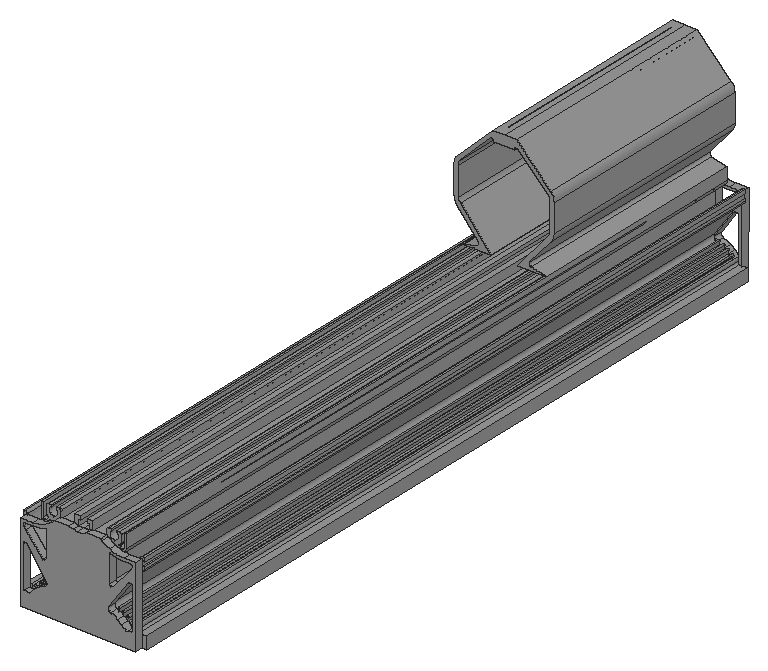
Revit family "L-street 24 Standart", category Осветительные приборы, Revit 2017 (continued)
Types (7, lengths in mm): name | built-in parameter 1150134 | Файл фотометрической сетки | built-in parameter 1150105 | Lumens | built-in parameter 1150106 | built-in parameter 1150142 | Wattage | built-in parameter 1150107 | Артикул
  L-street 24 Standart 5.0K Ш3 | 2 | "L-street 24-32-LLI3-5.0K-01 Standart.ies" | 342.66 (stored number, unit not read) | 4306 lm | 3.4266 (stored number, unit not read) | "IESNA:LM-63-1995\r\n[TEST]LEDEL\r\n[DATA]28.11.2018\r\n[MANUFAC]LEDEL\r\n[LUMCAT]L-street 24/32/Ш3/5.0К/01 Standart\r\n[LUMINAIRE]Для освещения городских улиц, придомовых территорий, парков и пр\r\n[LAMPCAT]LED \r\n[LAMP]OSRAM OSLON SQUARE\r\nTILT=NONE\r\n \r\n1 4306 4.349494 91 37 1 2 0.533 0.083 0.148\r\n1 1 32\r\n\r\n0 1 2 3 4 5 6 7 8 9 10 11 12 13 14 15 16 17 18 19 20 21 22 23 24 25 26 27 28 29 30 31 32 33 34 35 36 37 38 39 40 41 42 43 44 45 46 47 48 49 50 51 52 53 54 55 56 57 58 59 60 61 62 63 64 65 66 67 68 69 70 71 72 73 74 75 76 77 78 79 80 81 82 83 84 85 86 87 88 89 90\r\n0 2.5 5 7.5 10 12.5 15 17.5 20 22.5 25 27.5 30 32.5 35 37.5 40 42.5 45 47.5 50 52.5 55 57.5 60 62.5 65 67.5 70 72.5 75 77.5 80 82.5 85 87.5 90 \r\n\r\n328.9 329.3 330.2 330.9 331.9 333.4 335.1 336.8 338.7 340.8 342.8 345 347.5 350.1 353 356 358.9 361.9 364.8 367.6 370.4 373.1 375.9 378.6 381.2 384 387.3 390.9 395 399.6 404.9 410.7 417.4 425.2 435.2 445.1 453.5 460.4 465.8 471.5 479.7 491.2 504.8 521 539.3 559.8 582 607.2 633.9 663 691.7 721.3 752.1 785.2 818.3 851.9 885.2 917 937 939.3 919 859.4 761.2 644.9 513.6 372.2 249 140.6 80.9 50.5 34.7 24.4 17.8 14.5 12.7 11.4 10.5 9.8 9.1 8.5 8 7.4 7 6.5 6.2 5.9 5.5 4.8 3.2 2.7 2.7\r\n328.9 329 329.5 330 330.7 331.9 333.2 334.6 336.2 338 339.8 341.8 344 346.5 349.2 352.1 354.9 357.8 360.7 363.6 366.4 369.2 372 374.9 377.8 380.7 383.9 387.3 391.1 395.4 400.3 405.6 411.7 418.6 427.2 436.3 444.8 452.4 459 464.7 471.7 481.1 492.7 506.6 522.4 540.2 559.7 581.7 605.8 631.5 658.1 685.9 714.5 745.8 778.3 812.3 846.4 879.2 904.3 916.2 905.6 859.1 774.4 661.5 532.7 402.1 293.1 196.3 120.8 68.8 45.8 31.7 22.8 18 15.4 13.6 12.3 11.3 10.5 9.8 9.1 8.5 7.9 7.3 6.9 6.5 6.1 5.5 4.3 3.3 2.9\r\n328.9 328.8 328.9 329 329.6 330.3 331.2 332.3 333.7 335.2 336.8 338.6 340.6 342.8 345.5 348.2 350.9 353.7 356.6 359.6 362.4 365.3 368.2 371.2 374.4 377.4 380.5 383.6 387.3 391.2 395.6 400.5 406 411.9 419.2 427.5 436 444.3 452.2 457.9 463.7 471 480.7 492.2 505.6 520.6 537.4 556.3 577.6 600 624.5 650.4 677 706.4 738.3 772.8 807.5 841.5 871.5 893.1 892.3 858.7 787.6 678.2 551.8 432 337.2 251.9 160.7 87.2 56.8 39 27.9 21.5 18 15.7 14.1 12.8 12 11.2 10.3 9.6 8.9 8.2 7.6 7.1 6.7 6.3 5.5 4 3.1\r\n328.9 329.4 330.2 331 332 333.4 335 336.7 338.6 340.6 342.6 344.7 347.1 349.6 352.4 355.2 358.1 360.9 363.6 366.2 368.8 371.4 374 376.6 379.2 382 385.3 388.8 392.6 397 402.2 407.8 414.4 421.9 431.2 440.5 448.4 454.9 460.4 466.2 474 484.8 497.7 513 530.2 549.4 569.9 593 617.3 643.5 669.5 695.9 722.8 751.4 780 808.5 835.6 860.9 877.7 881 869.3 832.1 763.8 664.3 532.5 377.6 247 136.9 77.5 48.8 34.8 24 17.1 14.1 12.4 11.1 10.2 9.6 8.9 8.3 7.8 7.2 6.8 6.3 6 5.7 5.4 4.7 3.1 2.7 2.7\r\n328.9 329.4 330.1 331 332.1 333.4 334.9 336.6 338.5 340.4 342.3 344.5 346.7 349.1 351.8 354.5 357.3 359.9 362.4 364.8 367.2 369.6 372.2 374.6 377.3 380.1 383.3 386.6 390.2 394.4 399.4 405 411.4 418.6 427.2 435.9 443.2 449.5 455 460.8 468.3 478.4 490.6 505 521.2 539.1 557.7 578.9 600.7 624.1 647.2 670.6 693.5 717.6 741.7 765.1 785.9 804.8 818.4 822.6 819.6 804.9 766.4 683.8 551.4 383.1 244.9 133.2 74 47.1 34.9 23.6 16.4 13.6 12.1 10.9 10 9.4 8.7 8.1 7.6 7 6.6 6.2 5.8 5.4 5.3 4.5 3 2.6 2.7\r\n328.9 329.4 330.2 331 332 333.3 334.7 336.2 338 339.7 341.5 343.5 345.5 347.8 350.3 353 355.7 358.2 360.7 363 365.4 367.8 370.3 372.8 375.5 378.3 381.5 384.8 388.6 392.8 397.6 403 409.3 416.1 424.2 432.5 439.5 445.4 450.6 455.9 462.5 471.1 481.3 493.2 506.3 520.8 536.2 553.5 571.6 591.3 611.2 631.8 652.8 675.7 698.9 722.2 742.8 761.3 775.1 781.3 780.2 768.4 735.8 659.6 539 387.4 258.5 153.6 86.2 51.2 36.2 25 17.1 13.6 12 10.8 9.8 9.2 8.5 8 7.4 6.9 6.5 6 5.7 5.4 5.1 4.5 3.1 2.7 2.7\r\n328.9 329.4 330.2 330.9 332 333.2 334.5 335.8 337.4 339.1 340.8 342.5 344.4 346.5 348.9 351.5 354.1 356.6 358.9 361.3 363.6 365.9 368.4 371 373.6 376.5 379.6 383.1 387 391.1 395.7 401 407.1 413.6 421.1 429 435.8 441.3 446.2 451 456.7 463.9 472 481.4 491.5 502.6 514.6 528.2 542.5 558.5 575.2 593 612 633.7 656.1 679.2 699.7 717.9 731.8 740 740.8 732 705.1 635.4 526.7 391.7 272.1 174 98.4 55.3 37.6 26.3 17.8 13.6 11.9 10.7 9.7 9 8.3 7.8 7.3 6.8 6.3 5.9 5.6 5.3 4.9 4.5 3.3 2.7 2.7\r\n328.9 329.5 330.3 331 332 333.1 334.2 335.5 337 338.5 340.1 341.6 343.4 345.3 347.5 350 352.5 354.9 357.3 359.6 361.8 364 366.3 368.6 371.2 373.8 376.8 380.1 383.8 387.6 392 396.7 402.2 408 414.6 421.4 427.4 432.1 436.2 439.9 444.1 449.8 456.5 464.2 472.4 481.7 492.1 504.3 517.4 532 547.1 562.9 578.6 594.9 610.3 625.2 636.8 644.4 646.8 642.2 628.3 601.4 558.5 487.4 398.1 300.5 218.4 153.5 97.9 57.3 37.8 25.4 16.7 12.7 11.3 10.1 9.1 8.4 7.8 7.3 6.8 6.4 5.9 5.5 5.2 4.9 4.6 4.3 3.2 2.7 2.7\r\n328.9 329.6 330.4 331 332 333 334 335.2 336.5 338 339.5 340.8 342.3 344.1 346.2 348.5 350.9 353.2 355.7 357.9 360.1 362.1 364.1 366.3 368.7 371.1 374 377.1 380.5 384.1 388.2 392.4 397.3 402.4 408 413.7 419 423 426.2 428.7 431.6 435.7 440.9 447 453.3 460.7 469.6 480.4 492.2 505.5 519.1 532.8 545.2 556 564.6 571.2 573.9 570.8 561.8 544.4 515.9 470.9 411.9 339.3 269.5 209.3 164.6 132.9 97.4 59.2 38 24.5 15.6 11.9 10.6 9.5 8.6 7.9 7.3 6.7 6.4 5.9 5.5 5.1 4.9 4.6 4.3 4 3 2.6 2.6\r\n328.9 329.6 330.3 330.9 331.7 332.6 333.5 334.6 335.8 337.1 338.4 339.6 341 342.5 344.5 346.6 348.8 351.1 353.5 355.6 357.6 359.4 361.2 363.2 365.5 367.9 370.6 373.6 377 380.4 384 387.7 391.8 395.9 400.4 404.8 409 412.2 414.8 416.7 419.1 422.5 426.9 432.4 438.2 444.8 451.8 459.6 467.6 476.2 484.4 492.1 497.8 501.1 501.5 498.2 489.1 471.8 446.9 414.5 377.6 335.3 291 243.7 199.4 161.3 132.5 111.4 88.8 60 38.2 24.5 15.5 11.5 10.1 9.1 8.1 7.4 6.8 6.3 5.9 5.6 5.2 4.8 4.5 4.3 4.1 3.8 3 2.6 2.6\r\n328.9 329.6 330.2 330.8 331.5 332.2 333 334 335.1 336.2 337.4 338.4 339.6 341 342.7 344.6 346.8 349 351.2 353.2 355.2 356.8 358.4 360.1 362.3 364.7 367.2 370.2 373.4 376.6 379.9 382.9 386.3 389.4 392.8 395.9 399 401.5 403.4 404.8 406.6 409.3 413 417.7 423.2 428.9 434.1 438.8 443 446.9 449.6 451.3 450.4 446.3 438.5 425.2 404.4 372.8 332.1 284.5 239.3 199.8 170 148 129.3 113.3 100.4 90 80.2 60.7 38.4 24.6 15.5 11.1 9.6 8.7 7.7 6.9 6.3 5.9 5.5 5.2 4.9 4.5 4.2 4 3.8 3.6 2.9 2.7 2.6\r\n328.9 329.6 330.1 330.7 331.3 331.9 332.7 333.7 334.6 335.6 336.6 337.5 338.6 339.9 341.4 343.2 345.2 347.2 349.1 350.9 352.7 354.2 355.8 357.6 359.7 362.1 364.5 367.1 369.7 372.2 374.7 377.2 379.9 382.5 385.1 387.6 390 392.2 394 395.5 397.2 398.9 400.9 403.2 405.8 408.1 409.5 410 409.2 407 401.9 393.5 379.6 360.7 338.2 313.8 287.4 259.5 230.5 200.1 171.3 146.3 126.5 111.3 98.3 88 80.3 73.6 62.6 45.5 29.8 19.7 12.9 9.9 8.7 7.8 6.9 6.3 5.7 5.3 5 4.7 4.4 4.1 3.8 3.6 3.4 3.1 2.7 2.6 2.5\r\n328.9 329.6 330 330.5 331 331.7 332.4 333.3 334.1 335 335.7 336.6 337.5 338.9 340.2 341.7 343.6 345.5 347 348.7 350.2 351.6 353.2 355.1 357.2 359.5 361.8 364 366 367.9 369.5 371.4 373.5 375.5 377.4 379.4 381.1 382.8 384.6 386.2 387.8 388.6 388.8 388.6 388.5 387.4 384.9 381.1 375.4 367.2 354.2 335.6 308.8 275.2 237.8 202.4 170.4 146.1 128.9 115.6 103.3 92.8 83 74.7 67.3 62.7 60.1 57.1 45.1 30.4 21.1 14.9 10.4 8.8 7.8 6.9 6.2 5.6 5.1 4.8 4.5 4.1 3.9 3.7 3.5 3.3 3.1 2.7 2.5 2.5 2.5\r\n328.9 329.5 329.8 330.3 330.6 331.2 331.7 332.4 333 333.7 334.2 334.8 335.4 336.4 337.3 338.6 340.1 341.7 343.1 344.6 346.1 347.4 348.8 350.3 352 353.8 355.5 357.1 358.6 360 361.2 362.3 363.6 365 366.4 368.1 369.5 370.4 370.9 370.8 370.5 369.4 367.5 364.9 361.4 356.8 349.7 339.5 325 306.7 283.4 257 228.1 199.7 172.9 149.4 128.6 112.2 99.6 89.2 79.7 71.9 64.6 58.5 52.9 49.3 46.4 42.2 33.6 24.5 18.4 13.7 10.1 8.5 7.6 6.7 6 5.3 4.8 4.5 4.3 3.9 3.7 3.5 3.3 3.1 3 2.6 2.4 2.4 2.4\r\n328.9 329.4 329.7 330 330.2 330.6 331 331.5 332 332.4 332.7 332.9 333.3 333.9 334.5 335.5 336.6 337.9 339.3 340.6 341.9 343.2 344.4 345.6 346.8 348.1 349.2 350.3 351.3 352.1 352.9 353.2 353.7 354.4 355.4 356.8 357.8 358 357.2 355.5 353.3 350.3 346.3 341.1 334.4 326.1 314.5 297.9 274.7 246.3 212.5 178.4 147.3 124.1 108 96.4 86.8 78.2 70.2 62.8 56.2 50.9 46.3 42.4 38.6 35.9 32.7 27.2 22.1 18.6 15.6 12.5 9.8 8.3 7.4 6.5 5.8 5.1 4.6 4.2 4.1 3.8 3.5 3.4 3.2 3 2.9 2.5 2.3 2.4 2.4\r\n328.9 329.4 329.6 329.8 330 330.2 330.4 330.7 330.9 331.1 331.2 331.3 331.4 331.6 332 332.8 333.6 334.8 335.8 337 338 339 339.9 340.7 341.5 342.3 343 343.7 344.2 344.5 344.8 344.9 345.1 345.2 345.2 345.4 345.1 344 342.1 339.1 334.9 329.9 323.6 315.4 304.1 289.5 270.1 246.3 218.3 189.8 161.8 137.2 116 100.1 88.3 79.2 71.4 64.3 57.9 52.2 47.2 43.1 39.5 36.3 33 30.2 27.2 23.3 19.6 16.9 14.4 11.8 9.5 8.3 7.4 6.6 5.8 5.1 4.5 4.1 3.9 3.6 3.4 3.3 3.1 2.9 2.8 2.5 2.3 2.3 2.4\r\n328.9 329.4 329.6 329.7 329.7 329.7 329.8 329.9 329.9 329.9 329.8 329.7 329.4 329.3 329.6 330 330.6 331.6 332.4 333.3 334.1 334.8 335.4 335.7 336.1 336.4 336.8 337 337.1 336.9 336.8 336.5 336.5 336.1 335 333.9 332.3 330.1 327 322.6 316.6 309.6 301 289.7 273.8 252.8 225.7 194.7 161.9 133.3 111 96 84.7 76.1 68.6 62 56 50.4 45.5 41.6 38.2 35.3 32.8 30.2 27.3 24.4 21.7 19.4 17.2 15.2 13.1 11 9.3 8.2 7.4 6.7 5.8 5.1 4.4 3.9 3.8 3.5 3.4 3.2 3 2.9 2.8 2.5 2.2 2.3 2.4\r\n328.9 329.3 329.4 329.4 329.3 329.2 329 328.9 328.7 328.5 328.2 327.9 327.5 327.2 327.2 327.5 327.9 328.5 329.1 329.6 330 330.3 330.4 330.6 330.7 330.8 330.8 330.7 330.4 330 329.4 328.5 327.5 326 324.1 321.7 318.8 314.9 310.1 304 296 286 272.6 255.5 233.2 207 178.6 151.5 126.8 106.9 91.5 80.4 71.6 64.3 58 52.5 47.6 43.4 39.8 36.8 34.2 31.8 29.5 27.1 24.8 22.5 20.3 18.4 16.5 14.8 13.1 11.5 9.9 8.6 7.6 6.8 6 5.3 4.5 4 3.7 3.5 3.3 3.1 2.9 2.8 2.7 2.5 2.2 2.2 2.3\r\n328.9 329.3 329.2 329.1 328.8 328.6 328.2 328 327.6 327.1 326.6 326.1 325.5 325.2 324.9 325 325.1 325.4 325.7 325.8 325.9 325.7 325.4 325.4 325.3 325.2 324.8 324.4 323.8 323 322.1 320.5 318.5 316 313.1 309.5 305.4 299.8 293.2 285.4 275.5 262.4 244.2 221.4 192.6 161.2 131.4 108.3 91.8 80.6 72 64.9 58.4 52.6 47.4 43 39.3 36.3 34 32.1 30.3 28.3 26.1 24.1 22.3 20.7 18.9 17.3 15.8 14.4 13.1 11.9 10.5 8.9 7.8 7 6.2 5.5 4.7 4 3.6 3.4 3.2 3.1 2.9 2.7 2.6 2.4 2.3 2.1 2.2\r\n328.9 329.2 329.1 328.9 328.5 328.1 327.6 327.1 326.5 325.8 325 324.2 323.5 322.9 322.5 322.3 322.2 322.1 322 321.7 321.1 320.5 319.8 319.4 319 318.6 318.3 318 317.4 316.3 314.8 312.5 309.6 306 301.6 296.4 290.5 283 273.9 262.7 247.9 229.2 205.3 179.3 152 127.2 106.1 90 78 69.4 62.5 56.6 51.2 46.4 42.2 38.8 35.9 33.6 31.7 29.9 28.2 26.4 24.5 22.9 21.5 20.1 18.6 17.3 16.1 14.8 13.7 12.7 11.6 10.2 8.7 7.5 6.6 5.9 5 4.3 3.7 3.4 3.2 3 2.9 2.7 2.6 2.4 2.2 2.1 2.2\r\n328.9 329.2 329 328.7 328.2 327.6 326.9 326.2 325.4 324.4 323.3 322.2 321.4 320.7 320.1 319.6 319.2 318.9 318.4 317.5 316.4 315.2 314.1 313.3 312.6 312.1 311.8 311.6 311 309.7 307.4 304.5 300.7 295.9 290.2 283.3 275.6 266.1 254.6 240 220.4 195.9 166.4 137.2 111.4 93.3 80.7 71.7 64.3 58.2 53 48.3 43.9 40.2 37.1 34.6 32.6 31 29.4 27.8 26.1 24.4 22.9 21.8 20.7 19.5 18.4 17.3 16.4 15.3 14.4 13.5 12.7 11.5 9.6 8 7 6.2 5.3 4.5 3.8 3.4 3.1 2.9 2.9 2.7 2.6 2.4 2.2 2.1 2.1\r\n328.9 329.1 328.9 328.5 327.9 327.2 326.4 325.6 324.6 323.3 322 320.8 319.8 318.9 318.2 317.5 316.8 316.1 315.1 313.9 312.4 310.9 309.5 308.4 307.3 306.4 305.9 305.3 304.4 302.7 300.3 297.2 293.3 288 281.6 274 265.3 254.3 240.7 223.1 200.5 173.9 145 119.4 98.6 84.1 73.5 65.7 59.1 54 49.5 45.3 41.5 38.2 35.5 33.3 31.4 29.8 28.2 26.6 25.1 23.6 22.2 21.1 20.2 19.3 18.5 17.7 16.9 16 15.1 14.3 13.5 12.5 11.1 9.6 7.9 6.6 5.7 4.9 4.1 3.5 3.2 2.9 2.8 2.7 2.6 2.4 2.2 2.1 2.1\r\n328.9 329.1 328.8 328.3 327.6 326.8 325.8 324.9 323.7 322.1 320.6 319.3 318.2 317 316.2 315.3 314.4 313.3 311.9 310.3 308.3 306.6 305 303.4 302 300.8 300 299.1 297.7 295.7 293.1 289.8 285.8 280.1 273 264.6 254.9 242.5 226.9 206.2 180.6 151.8 123.5 101.5 85.7 74.9 66.3 59.6 54 49.7 45.9 42.3 39 36.3 34 31.9 30.2 28.6 27 25.5 24.1 22.7 21.5 20.5 19.7 19.1 18.6 18 17.3 16.6 15.8 15 14.3 13.4 12.5 11.1 8.7 7.1 6.1 5.3 4.4 3.5 3.2 2.9 2.8 2.7 2.6 2.4 2.2 2.1 2\r\n328.9 329 328.7 328.1 327.3 326.4 325.3 324.1 322.7 320.9 319.1 317.6 316.3 315.1 313.9 312.8 311.5 309.9 307.9 305.7 303.5 301.4 299.5 297.5 295.7 294.2 292.6 290.6 288.1 285 281.6 277.4 272.1 265.3 257.3 247.5 235.5 219.7 200.5 176.6 150.6 125.6 104.1 88.2 76.4 67.6 60.4 54.7 50.1 46.5 43.3 40.4 37.5 35.2 33 31.1 29.4 28 26.4 25 23.6 22.4 21.1 20.3 19.8 19.2 18.7 18 17.3 16.6 15.9 15.5 15 14.4 13.9 12.8 11 9.1 7.1 5.8 4.8 3.9 3.3 3 2.8 2.7 2.6 2.4 2.2 2 2\r\n328.9 328.9 328.5 327.8 327 326 324.7 323.4 321.7 319.7 317.6 315.9 314.5 313.1 311.6 310.2 308.6 306.4 303.9 301.2 298.6 296.2 294 291.5 289.5 287.6 285.2 282.1 278.4 274.4 270.2 265 258.4 250.5 241.6 230.5 216 196.9 174.1 147 120.5 99.5 84.7 74.9 67 60.3 54.4 49.8 46.1 43.3 40.8 38.5 36.1 34 32 30.2 28.6 27.3 25.9 24.5 23.1 22 20.8 20.1 19.8 19.3 18.8 18 17.2 16.6 16.1 15.9 15.7 15.4 15.2 14.6 13.2 11.1 8.1 6.3 5.2 4.2 3.4 3 2.8 2.7 2.6 2.4 2.2 1.9 2\r\n328.9 328.9 328.5 327.7 326.8 325.6 324.3 322.8 320.9 318.7 316.5 314.6 312.9 311.3 309.7 307.9 305.7 303.1 300.1 297.1 294.1 291.4 288.9 286.5 284.2 281.7 278.6 274.9 270.7 266.1 260.9 254.6 247 238.2 228 214.8 198.1 176.2 151.4 125.6 103.6 87.8 76.3 68 61 55.2 50.3 46.6 43.7 41.5 39.4 37.3 35.1 33.1 31.3 29.7 28.2 27.1 25.8 24.6 23.2 22.1 21 20.3 19.9 19.4 19 18.3 17.7 17.1 16.5 16.2 16.1 15.8 15.4 14.6 13.5 11.9 9.7 7.9 5.9 4.6 3.8 3.2 2.8 2.7 2.5 2.4 2.2 2 2\r\n328.9 328.9 328.4 327.6 326.6 325.3 323.9 322.1 320.2 317.7 315.5 313.3 311.3 309.6 307.8 305.5 302.9 299.7 296.3 292.9 289.7 286.5 283.8 281.4 278.9 275.8 272.1 267.7 263 257.7 251.6 244.2 235.6 225.9 214.3 199.1 180.2 155.6 128.7 104.2 86.8 76 67.9 61.1 55 50 46.2 43.4 41.2 39.6 38 36.2 34.2 32.2 30.6 29.2 27.9 26.8 25.7 24.6 23.4 22.3 21.2 20.5 20 19.6 19.2 18.7 18.2 17.5 16.9 16.6 16.6 16.2 15.6 14.7 13.8 12.6 11.3 9.5 6.7 5 4.1 3.3 2.9 2.6 2.5 2.3 2.1 2 2\r\n328.9 328.9 328.4 327.5 326.4 325.1 323.6 321.7 319.6 317.1 314.7 312.3 310.2 308.2 306.1 303.5 300.4 296.8 293 289.3 285.8 282.4 279.6 276.9 274.1 270.5 266.3 261.4 256.2 250.1 243.2 235.1 226 215.2 202.2 185.4 164.9 140.2 115.8 95.1 80.7 71.6 64.3 57.9 52.3 47.8 44.6 42.2 40.4 39 37.5 35.7 33.8 31.9 30.4 29.1 27.9 26.8 25.6 24.5 23.5 22.5 21.6 20.9 20.4 20 19.7 19.3 18.7 17.9 17.1 16.4 16.1 15.7 15.1 14.4 13.4 12 10.7 9.2 7.3 5.8 4.5 3.6 3 2.7 2.4 2.3 2.1 2 2\r\n328.9 328.9 328.4 327.4 326.2 324.9 323.3 321.3 319 316.4 313.9 311.3 309 306.8 304.4 301.5 297.9 293.8 289.8 285.7 281.9 278.3 275.3 272.4 269.3 265.2 260.5 255.1 249.3 242.6 234.8 226.1 216.3 204.5 190.1 171.6 149.6 124.8 102.9 85.9 74.6 67.1 60.6 54.8 49.6 45.7 42.9 41 39.6 38.4 37 35.3 33.4 31.7 30.2 29 27.9 26.8 25.5 24.4 23.6 22.6 21.9 21.3 20.7 20.4 20.3 20 19.3 18.3 17.3 16.3 15.6 15.2 14.6 14 13 11.4 10.1 9 8 6.6 5 3.8 3.1 2.7 2.4 2.3 2.1 1.9 1.9\r\n328.9 328.9 328.2 327.1 325.9 324.5 322.8 320.6 318.3 315.7 313.1 310.5 308 305.6 302.9 299.6 295.7 291.3 287 282.6 278.7 275.2 272.2 269.1 265.7 261.3 256.3 250.5 244.3 237 228.7 219.3 208.6 195.5 179.4 159.1 136 112.5 93.6 79.8 70.4 63.7 57.4 51.9 47.3 44.1 41.9 40.3 39 37.9 36.5 34.9 33.1 31.6 30.2 28.9 27.6 26.4 25.3 24.4 23.6 23 22.6 22.3 22.1 21.9 21.5 20.7 19.8 18.7 17.6 16.5 15.6 14.8 13.9 13.2 12.1 10.9 9.8 8.8 7.7 6.5 5.2 4 3.1 2.7 2.4 2.3 2.1 1.9 1.9\r\n328.9 328.8 328 326.8 325.5 324.1 322.3 320 317.6 314.9 312.2 309.6 307 304.3 301.4 297.6 293.5 288.8 284.2 279.5 275.5 272 269 265.9 262 257.3 252 245.8 239.2 231.4 222.7 212.6 201 186.6 168.7 146.5 122.3 100.1 84.4 73.6 66.3 60.4 54.3 48.9 44.9 42.4 40.8 39.5 38.4 37.3 35.9 34.5 32.8 31.5 30.3 28.7 27.3 26.1 25.2 24.3 23.7 23.4 23.2 23.4 23.4 23.3 22.6 21.5 20.3 19.1 17.8 16.7 15.6 14.4 13.2 12.3 11.3 10.5 9.6 8.6 7.5 6.4 5.4 4.1 3.2 2.6 2.4 2.2 2.1 1.9 1.9\r\n328.9 328.8 328 326.8 325.6 324 322.1 319.8 317.3 314.6 311.8 309.2 306.4 303.5 300.2 296.1 291.6 286.6 281.7 276.8 272.7 269.1 266.1 262.7 258.6 253.5 248 241.7 234.8 226.8 217.9 207.5 1
